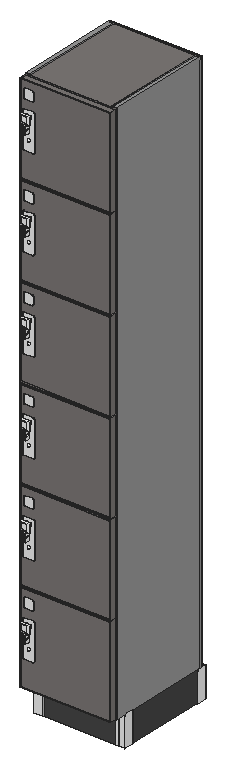
Revit family "Wood_Lockers_Hasps-Salsbury_Industries-46000_Series-1_Wide_Units", category Specialty Equipment, Revit 2022
Family settings
  Round Connector Dimension = Use Diameter
  Part Type = Normal
  OmniClass Number = 23.40.00.00
  OmniClass Title = Equipment and Furnishings
  Work Plane-Based = No
  Always vertical = Yes
  Cut with Voids When Loaded = No
  Maintain Annotation Orientation = No
  Shared = No
  Room Calculation Point = No
Parameters (values of type "46165")
  Width = 12.000"
  Version = "1.0 (01/31/24)"
  Unit Height including Sloping Hood Only [instance] = 77.743"
  Unit Height including Base Only [instance] = 76.000"
  URL = "www.lockers.com"
  Type Comments = "Premier Wood Lockers - Box Style - Six Tier - with Hasps"
  Total Doors Height [instance] = if(Unit Height = 72.000", 71.750", if(Unit Height = 60.000", 59.750", 0.000"))  # 71.750"
  Sloping Top Corner Filler - Right Side [instance] = Wood Locker Sloping Corner Fillers : None
  Sloping Top Corner Filler - Left Side [instance] = Wood Locker Sloping Corner Fillers : None
  Sloping In-Line Filler - Right Side [instance] = Wood Locker Sloping In-Line Fillers : None
  Sloping In-Line Filler - Left Side [instance] = Wood Locker Sloping In-Line Fillers : None
  Sloping Hood Height = if(Depth = 15.000", 5.743", if(Depth = 18.000", 6.868", if(Depth = 21.000", 7.993", if(Depth = 24.000", 9.118", 0.000"))))  # 5.743"
  Sloping Hood [instance] = Wood Locker Sloping Hoods : None
  Side Panel without Slope - Right Side [instance] = Wood Locker Side Panels-No Slope : None
  Side Panel without Slope - Left Side [instance] = Wood Locker Side Panels-No Slope : None
  Side Panel with Slope - Right Side [instance] = Wood Locker Side Panels-With Slope : None
  Side Panel with Slope - Left Side [instance] = Wood Locker Side Panels-With Slope : None
  Secondary Structure Materials = Particle Board Industrial Grade - Salsbury Finish - Black Melamine Overlay
  Primary Structure Materials = Particle Board Industrial Grade - Salsbury Finish - Plain
  Overall Unit Height including Base and Sloping Hood [instance] = 81.743"
  OmniClass 23 Title = "Equipment and Furnishings"
  OmniClass 23 Number = "23.40.00.00"
  Model = "46165"
  MasterFormat Title = "Lockers"
  MasterFormat Code = "10 51 23"
  Manufacturer = "Salsbury Industries"
  Laminate Surface [instance] = Industrial Grade Particleboard with Wood Laminate - Salsbury Finish - Skyline Walnut
  Interior Material = Textured Melamine - Salsbury Finish - White
  Individual Door Width [instance] = 11.875"
  Unit Height = 72.000"
  Individual Door Height = if(Unit Height = 72.000", 11.802", if(Unit Height = 60.000", 11.802", 0.000"))  # 11.802"
  Hardware = Aluminum - Salsbury Finish - Black Satin
  Front Vertical Filler - Right Side [instance] = Wood Locker Front Fillers : None
  Front Vertical Filler - Left Side [instance] = Wood Locker Front Fillers : None
  Front Corner Filler - Right Side [instance] = Wood Locker Front Corner Filler : None
  Front Corner Filler - Left Side [instance] = Wood Locker Front Corner Filler : None
  Flat Top In-Line Filler - Right Side [instance] = Wood Locker Flat In-Line Fillers : None
  Flat Top In-Line Filler - Left Side [instance] = Wood Locker Flat In-Line Fillers : None
  Flat Top Corner Filler - Right Side [instance] = Wood Locker Flat Corner Fillers : None
  Flat Top Corner Filler - Left Side [instance] = Wood Locker Flat Corner Fillers : None
  Fascia Filler [instance] = Wood Locker Fascia Fillers : None
  Double Side Panel without Slope - Right Side [instance] = Wood Locker Double Side Panels-No Slope : None
  Double Side Panel without Slope - Left Side [instance] = Wood Locker Double Side Panels-No Slope : None
  Double Side Panel with Slope - Right Side [instance] = Wood Locker Double Side Panels-With Slope : None
  Double Side Panel with Slope - Left Side [instance] = Wood Locker Double Side Panels-With Slope : None
  Door Location D1 = Premier Locker Doors_Hasp : Six Tier Door for Six Foot High Locker
  Description = "1 Wide - 6 Feet High - 15 inches Deep - with Base"
  Depth = 15.000"
  Default Elevation = 0.000"
  Compartment Width [instance] = 10.750"
  Compartment Height [instance] = if(Unit Height = 72.000", 11.125", if(Unit Height = 60.000", 11.100", 0.000"))  # 11.125"
  Compartment Depth [instance] = 13.750"
  Base Material = Particle Board Industrial Grade - Salsbury Finish - Black Melamine Overlay
  Base Height = 4.000"
  Base Depth [instance] = 13.250"
  Base = Wood Locker Bases : Base - 12" W x 15" D Lockers
  Assembly Code = "C1030310"
Reference planes (in)
  plane 1 "Center (Front/Back)": y = 0
  plane 2: z = 0
  plane 3 "Center (Left/Right)": x = 0
  plane 4 "Right Side of Unit": x = 6
  plane 5 "Left Side of Unit": x = -6
  plane 6 "Back of Unit": y = 7.5
  plane 7 "Front of Unit": y = -7.5
  plane 8 "Bottom of Base": z = 0
  plane 9 "Top Edge of Unit": z = 76
  plane 10 "Top of Base Edge": z = 4
  plane 11: z = 81.743
  plane 12 "Right Compartment Edge": x = 5.406
  plane 13 "Left Compartment Edge": x = -5.406
  plane 14 "Front Melamine Edge": y = -6.5
  plane 15 "Back Compartment Edge": y = 7.281
  plane 16 "Front Compartment Edge": y = -6.469
  plane 17 "Front Edge of Base": y = -5.125
  plane 18 "Bottom Edge of Door": z = 4.125
  plane 19 "Top Edge of Door": z = 75.875
  plane 20 "Bottom Compartment Edge": z = 4.75
  plane 21 "Top Compartment Edge": z = 75.25
  plane 22 "Center Top and Bottom": z = 40
  plane 23 "Left Melamine Edge": x = -5.375
  plane 24 "Right Melamine Edge": x = 5.375
  plane 25 "Back Melamine Edge": y = 7.25
  plane 26 "Left Edge of Door": x = -5.875
  plane 27: y = 8.125
  plane 28: y = -5.75
  plane 29 "Base / Ventillation Alignment": y = 8.125
  plane 30 "Compartment Shelf 5": z = 16.625
  plane 31: z = 15.875
  plane 32: z = 15.927
  plane 33: z = 16.115
  plane 34: z = 27.75
  plane 35 "Compartment Shelf 4": z = 28.5
  plane 36: z = 27.917
  plane 37: z = 28.105
  plane 38: z = 39.625
  plane 39 "Compartment Shelf 3": z = 40.375
  plane 40: z = 39.907
  plane 41: z = 40.095
  plane 42 "Compartment Shelf 2": z = 52.25
  plane 43: z = 51.5
  plane 44: z = 51.897
  plane 45: z = 52.085
  plane 46: z = 63.375
  plane 47 "Compartment Shelf 1": z = 64.125
  plane 48: z = 63.887
  plane 49: z = 64.075
Forms (in)
  Extrusion 1, solid, material "Particle Board Industrial Grade - Salsbury Finish - Plain" <- "Primary Structure Materials"
    sketch origin (6, 0, 0) x (0, -1, 0) y (0, 0, 1)
      loop
        line (6.469, 76) -> (-7.25, 76) -> (-7.25, 4) -> (6.469, 4) -> (6.469, 76)
    from 0 to 0.594
  Extrusion 2, solid, material "Particle Board Industrial Grade - Salsbury Finish - Plain" <- "Primary Structure Materials"
    sketch origin (-6, 0, 0) x (0, -1, 0) y (0, 0, 1)
      loop
        line (-7.25, 76) -> (-7.25, 4) -> (6.469, 4) -> (6.469, 76) -> (-7.25, 76)
    from 0 to -0.594
  Extrusion 3, solid, material "Textured Melamine - Salsbury Finish - White" <- "Interior Material"
    sketch origin (0, 0, 4) x (0, -1, 0) y (1, 0, 0)
      loop
        line (-7.25, -5.375) -> (6.469, -5.375) -> (6.469, 5.375) -> (-7.25, 5.375) -> (-7.25, -5.375)
    from 0 to 0.75
  Extrusion 4, solid, material "Industrial Grade Particleboard with Wood Laminate - Salsbury Finish - Skyline Walnut" <- "Laminate Surface"
    sketch origin (0.375, 0.375, 76) x (1, 0, 0) y (0, 1, 0)
      loop
        line (-5.75, -6.875) -> (5, -6.875) -> (5, 6.875) -> (-5.75, 6.875) -> (-5.75, -6.875)
    from 0 to -0.75
  Extrusion 5, solid, material "Particle Board Industrial Grade - Salsbury Finish - Plain" <- "Primary Structure Materials"
    sketch origin (0, 7.5, 0) x (1, 0, 0) y (0, 0, 1)
      loop
        line (-6, 76) -> (-6, 4) -> (6, 4) -> (6, 76) -> (-6, 76)
    from 0 to 0.219
  Extrusion 6, solid, material "Industrial Grade Particleboard with Wood Laminate - Salsbury Finish - Skyline Walnut" <- "Laminate Surface"
    sketch origin (0, -6.469, 0) x (1, 0, 0) y (0, 0, 1)
      loop
        line (-6, 76) -> (-6, 4) -> (-5.375, 4) -> (-5.375, 76) -> (-6, 76)
    from 0 to 0.031
  Extrusion 7, solid, material "Industrial Grade Particleboard with Wood Laminate - Salsbury Finish - Skyline Walnut" <- "Laminate Surface"
    sketch origin (0, -6.469, 0) x (-1, 0, 0) y (0, 0, -1)
      loop
        line (-6, -76) -> (-5.375, -76) -> (-5.375, -4) -> (-6, -4) -> (-6, -76)
    from 0 to 0.031
  Extrusion 8, solid, material "Textured Melamine - Salsbury Finish - White" <- "Interior Material"
    sketch origin (0, 7.25, 0) x (1, 0, 0) y (0, 0, 1)
      loop
        line (-6, 76) -> (-6, 4) -> (6, 4) -> (6, 76) -> (-6, 76)
    from -0.031 to 0
  Extrusion 9, solid, material "Textured Melamine - Salsbury Finish - White" <- "Interior Material"
    sketch origin (-5.406, 0, 0) x (0, -1, 0) y (0, 0, 1)
      loop
        line (-7.25, 76) -> (-7.25, 4) -> (6.469, 4) -> (6.469, 76) -> (-7.25, 76)
    from 0 to -0.031
  Extrusion 10, solid, material "Textured Melamine - Salsbury Finish - White" <- "Interior Material"
    sketch origin (5.406, 0, 0) x (0, -1, 0) y (0, 0, 1)
      loop
        line (6.469, 76) -> (-7.25, 76) -> (-7.25, 4) -> (6.469, 4) -> (6.469, 76)
    from 0 to 0.031
  Extrusion 11, solid, material "Textured Melamine - Salsbury Finish - White" <- "Interior Material", detail levels fine
    sketch origin (0, 0, 16.625) x (0, -1, 0) y (1, 0, 0)
      loop
        line (-7.25, -5.375) -> (6.469, -5.375) -> (6.469, 5.375) -> (-7.25, 5.375) -> (-7.25, -5.375)
    from 0 to -0.75
  Extrusion 12, solid, material "Textured Melamine - Salsbury Finish - White" <- "Interior Material", detail levels fine
    sketch origin (0, 0, 28.5) x (0, -1, 0) y (1, 0, 0)
      loop
        line (-7.25, -5.375) -> (6.469, -5.375) -> (6.469, 5.375) -> (-7.25, 5.375) -> (-7.25, -5.375)
    from 0 to -0.75
  Extrusion 13, solid, material "Textured Melamine - Salsbury Finish - White" <- "Interior Material", detail levels fine
    sketch origin (0, 0, 40.375) x (0, -1, 0) y (1, 0, 0)
      loop
        line (-7.25, -5.375) -> (6.469, -5.375) -> (6.469, 5.375) -> (-7.25, 5.375) -> (-7.25, -5.375)
    from 0 to -0.75
  Extrusion 14, solid, material "Textured Melamine - Salsbury Finish - White" <- "Interior Material", detail levels fine
    sketch origin (0, 0, 52.25) x (0, -1, 0) y (1, 0, 0)
      loop
        line (-7.25, -5.375) -> (6.469, -5.375) -> (6.469, 5.375) -> (-7.25, 5.375) -> (-7.25, -5.375)
    from 0 to -0.75
  Extrusion 15, solid, material "Textured Melamine - Salsbury Finish - White" <- "Interior Material", detail levels fine
    sketch origin (0, 0, 64.125) x (0, -1, 0) y (1, 0, 0)
      loop
        line (-7.25, -5.375) -> (6.469, -5.375) -> (6.469, 5.375) -> (-7.25, 5.375) -> (-7.25, -5.375)
    from 0 to -0.75
  Extrusion 16, solid, material "Industrial Grade Particleboard with Wood Laminate - Salsbury Finish - Skyline Walnut" <- "Laminate Surface"
    sketch origin (0, -6.5, 0) x (1, 0, 0) y (0, 0, 1)
      loop
        line (-5.375, 64.125) -> (-5.375, 63.375) -> (5.375, 63.375) -> (5.375, 64.125) -> (-5.375, 64.125)
    from 0 to -0.031
  Extrusion 17, solid, material "Industrial Grade Particleboard with Wood Laminate - Salsbury Finish - Skyline Walnut" <- "Laminate Surface"
    sketch origin (0, -6.5, 0) x (1, 0, 0) y (0, 0, 1)
      loop
        line (-5.375, 52.25) -> (-5.375, 51.5) -> (5.375, 51.5) -> (5.375, 52.25) -> (-5.375, 52.25)
    from 0 to -0.031
  Extrusion 18, solid, material "Industrial Grade Particleboard with Wood Laminate - Salsbury Finish - Skyline Walnut" <- "Laminate Surface"
    sketch origin (0, -6.5, 0) x (1, 0, 0) y (0, 0, 1)
      loop
        line (-5.375, 40.375) -> (-5.375, 39.625) -> (5.375, 39.625) -> (5.375, 40.375) -> (-5.375, 40.375)
    from 0 to -0.031
  Extrusion 19, solid, material "Industrial Grade Particleboard with Wood Laminate - Salsbury Finish - Skyline Walnut" <- "Laminate Surface"
    sketch origin (0, -6.5, 0) x (1, 0, 0) y (0, 0, 1)
      loop
        line (-5.375, 28.5) -> (-5.375, 27.75) -> (5.375, 27.75) -> (5.375, 28.5) -> (-5.375, 28.5)
    from 0 to -0.031
  Extrusion 20, solid, material "Industrial Grade Particleboard with Wood Laminate - Salsbury Finish - Skyline Walnut" <- "Laminate Surface"
    sketch origin (0, -6.5, 0) x (1, 0, 0) y (0, 0, 1)
      loop
        line (-5.375, 16.625) -> (-5.375, 15.875) -> (5.375, 15.875) -> (5.375, 16.625) -> (-5.375, 16.625)
    from 0 to -0.031
  Extrusion 21, solid, material "Industrial Grade Particleboard with Wood Laminate - Salsbury Finish - Skyline Walnut" <- "Laminate Surface"
    sketch origin (0, -6.5, 0) x (1, 0, 0) y (0, 0, 1)
      loop
        line (-5.375, 4.75) -> (-5.375, 4) -> (5.375, 4) -> (5.375, 4.75) -> (-5.375, 4.75)
    from 0 to -0.031
Lines and regions (in)
  symbolic lines
    curve 1: line (-6, 7.25, 76) -> (6.00006, 7.25, 76)
    curve 2: line (-6, 7.25, 0) -> (-6, 7.25, 76)
    curve 3: line (6.00006, 7.25, 76) -> (6.00006, 7.25, 0)
    curve 4: line (5.406, -6.5, 76) -> (5.406, 8.125, 76)
    curve 5: line (5.406, -6.5, 0) -> (5.406, -6.5, 76)
    curve 6: line (5.406, 8.125, 76) -> (5.406, 8.125, 0)
    curve 7: line (6.00006, 7.25, 0) -> (-6, 7.25, 0)
    curve 8: line (5.406, -5.125, 0) -> (5.406, 8.125, 0)
    curve 9: line (5.406, 8.125, 0) -> (5.406, -5.125, 0)
    curve 10: line (5.406, -6.5, 0) -> (5.406, 8.125, 0)
    curve 11: line (-6, 8.125, 0) -> (6, 8.125, 0)
    curve 12: line (-6, -6.5, 0) -> (-6, 8.125, 0)
    curve 13: line (6, -6.5, 0) -> (-6, -6.5, 0)
    curve 14: line (6, 8.125, 0) -> (6, -6.5, 0)
Dimensions and locks (in)
  equal spacing: plane 5 "Left Side of Unit", plane 3 "Center (Left/Right)", plane 4 "Right Side of Unit"
  "Width": plane 5 "Left Side of Unit" to plane 4 "Right Side of Unit"
  equal spacing: plane 7 "Front of Unit", plane 1 "Center (Front/Back)", plane 6 "Back of Unit"
  "Depth": plane 7 "Front of Unit" to plane 6 "Back of Unit"
  "Base Height": plane 10 "Top of Base Edge" to plane 8 "Bottom of Base"
  "Unit Height": plane 9 "Top Edge of Unit" to plane 10 "Top of Base Edge"
  "Sloping Hood Height": plane 11 to plane 9 "Top Edge of Unit"
  locked: plane 12 "Right Compartment Edge" to plane 4 "Right Side of Unit" at 0.594
  locked: plane 5 "Left Side of Unit" to plane 13 "Left Compartment Edge" at 0.594
  locked: plane 7 "Front of Unit" to plane 14 "Front Melamine Edge" at 1
  locked: plane 15 "Back Compartment Edge" to plane 6 "Back of Unit" at 0.219
  locked: plane 14 "Front Melamine Edge" to plane 16 "Front Compartment Edge" at 0.031
  plane 18 "Bottom Edge of Door" to plane 10 "Top of Base Edge" = 0.125"
  plane 9 "Top Edge of Unit" to plane 19 "Top Edge of Door" = 0.125"
  plane 20 "Bottom Compartment Edge" to plane 10 "Top of Base Edge" = 0.750"
  plane 9 "Top Edge of Unit" to plane 21 "Top Compartment Edge" = 0.750"
  equal spacing: plane 9 "Top Edge of Unit", plane 22 "Center Top and Bottom", plane 10 "Top of Base Edge"
  locked: plane 24 "Right Melamine Edge" to plane 12 "Right Compartment Edge" at 0.031
  locked: plane 13 "Left Compartment Edge" to plane 23 "Left Melamine Edge" at 0.031
  locked: plane 25 "Back Melamine Edge" to plane 15 "Back Compartment Edge" at 0.031
  locked: plane 5 "Left Side of Unit" to plane 26 "Left Edge of Door" at 0.125
  "Individual Door Width": plane 26 "Left Edge of Door" to plane 4 "Right Side of Unit"
  "Total Doors Height": plane 19 "Top Edge of Door" to plane 18 "Bottom Edge of Door"
  "Unit Height including Base Only": plane 9 "Top Edge of Unit" to plane 8 "Bottom of Base"
  "Unit Height including Sloping Hood Only": plane 11 to plane 10 "Top of Base Edge"
  "Overall Unit Height including Base and Sloping Hood": plane 11 to plane 8 "Bottom of Base"
  locked: plane 7 "Front of Unit" to plane 17 "Front Edge of Base" at 2.375
  locked: plane 6 "Back of Unit" to plane 27 at 0.625
  "Base Depth": plane 17 "Front Edge of Base" to plane 27
  "Compartment Width": plane 23 "Left Melamine Edge" to plane 24 "Right Melamine Edge"
  "Compartment Height": plane 31 to plane 20 "Bottom Compartment Edge"
  "Compartment Depth": plane 14 "Front Melamine Edge" to plane 25 "Back Melamine Edge"
  locked: plane 14 "Front Melamine Edge" to plane 28 at 0.75
  plane 14 "Front Melamine Edge" to plane 27 = 14.625"
  Extrusion 2 to Extrusion 9 = 13.719"
  plane 6 "Back of Unit" to plane 29 "Base / Ventillation Alignment" = 0.625"
  locked: plane 30 "Compartment Shelf 5" to plane 31 at 0.75
  locked: plane 33 to plane 32 at 0.188
  "Individual Door Height": plane 32 to plane 18 "Bottom Edge of Door"
  locked: plane 35 "Compartment Shelf 4" to plane 34 at 0.75
  locked: plane 37 to plane 36 at 0.188
  "Compartment Height": plane 34 to plane 30 "Compartment Shelf 5"
  "Individual Door Height": plane 36 to plane 33
  locked: plane 39 "Compartment Shelf 3" to plane 38 at 0.75
  locked: plane 41 to plane 40 at 0.188
  "Compartment Height": plane 38 to plane 35 "Compartment Shelf 4"
  "Individual Door Height": plane 40 to plane 37
  locked: plane 49 to plane 48 at 0.188
  locked: plane 47 "Compartment Shelf 1" to plane 46 at 0.75
  locked: plane 42 "Compartment Shelf 2" to plane 43 at 0.75
  locked: plane 45 to plane 44 at 0.188
  "Compartment Height": plane 43 to plane 39 "Compartment Shelf 3"
  "Compartment Height": plane 46 to plane 42 "Compartment Shelf 2"
  "Individual Door Height": plane 44 to plane 41
  "Individual Door Height": plane 48 to plane 45
  nested 6 to plane 20 "Bottom Compartment Edge" = 70.500"
  aligned and locked: level to plane 2
  aligned and locked: plane 15 "Back Compartment Edge" to Extrusion 5
  aligned and locked: plane 4 "Right Side of Unit" to nested 1
  aligned and locked: plane 18 "Bottom Edge of Door" to nested 1
  aligned and locked: plane 7 "Front of Unit" to nested 1
  aligned and locked: plane 9 "Top Edge of Unit" to nested 2
  aligned and locked: plane 14 "Front Melamine Edge" to nested 2
  aligned and locked: plane 5 "Left Side of Unit" to nested 3
  aligned and locked: plane 14 "Front Melamine Edge" to nested 3
  aligned and locked: plane 9 "Top Edge of Unit" to nested 3
  aligned and locked: plane 4 "Right Side of Unit" to nested 4
  aligned and locked: nested 4 to plane 9 "Top Edge of Unit"
  aligned and locked: nested 4 to plane 14 "Front Melamine Edge"
  aligned and locked: plane 9 "Top Edge of Unit" to nested 5
  aligned and locked: plane 28 to nested 5
  aligned and locked: nested 6 to plane 28
  aligned and locked: plane 5 "Left Side of Unit" to nested 6
  aligned and locked: plane 4 "Right Side of Unit" to nested 5
  aligned and locked: nested 6 to plane 9 "Top Edge of Unit"
  aligned and locked: nested 8 to plane 5 "Left Side of Unit"
  aligned and locked: nested 7 to plane 4 "Right Side of Unit"
  aligned and locked: plane 14 "Front Melamine Edge" to nested 7
  aligned and locked: nested 8 to plane 14 "Front Melamine Edge"
  aligned and locked: plane 10 "Top of Base Edge" to nested 7
  aligned and locked: nested 8 to plane 10 "Top of Base Edge"
  aligned and locked: plane 5 "Left Side of Unit" to nested 9
  aligned and locked: plane 4 "Right Side of Unit" to nested 10
  aligned and locked: nested 10 to plane 10 "Top of Base Edge"
  aligned and locked: plane 10 "Top of Base Edge" to nested 9
  aligned and locked: plane 16 "Front Compartment Edge" to nested 10
  aligned and locked: nested 9 to plane 14 "Front Melamine Edge"
  aligned and locked: plane 4 "Right Side of Unit" to nested 11
  aligned and locked: nested 11 to plane 10 "Top of Base Edge"
  aligned and locked: plane 14 "Front Melamine Edge" to nested 11
  aligned and locked: plane 14 "Front Melamine Edge" to nested 12
  aligned and locked: nested 12 to nested 4
  aligned and locked: plane 10 "Top of Base Edge" to nested 12
  aligned and locked: nested 13 to plane 5 "Left Side of Unit"
  aligned and locked: nested 13 to plane 14 "Front Melamine Edge"
  aligned and locked: nested 13 to plane 10 "Top of Base Edge"
  aligned and locked: plane 14 "Front Melamine Edge" to nested 14
  aligned and locked: nested 14 to plane 4 "Right Side of Unit"
  aligned and locked: nested 15 to plane 14 "Front Melamine Edge"
  aligned and locked: nested 15 to plane 5 "Left Side of Unit"
  aligned and locked: plane 10 "Top of Base Edge" to nested 14
  aligned and locked: nested 15 to plane 10 "Top of Base Edge"
  aligned and locked: plane 14 "Front Melamine Edge" to nested 16
  aligned and locked: plane 4 "Right Side of Unit" to nested 16
  aligned and locked: nested 17 to plane 14 "Front Melamine Edge"
  aligned and locked: plane 5 "Left Side of Unit" to nested 17
  aligned and locked: nested 16 to plane 8 "Bottom of Base"
  aligned and locked: nested 17 to plane 8 "Bottom of Base"
  aligned and locked: nested 18 to plane 5 "Left Side of Unit"
  aligned and locked: nested 19 to plane 4 "Right Side of Unit"
  aligned and locked: nested 19 to plane 14 "Front Melamine Edge"
  aligned and locked: plane 14 "Front Melamine Edge" to nested 18
  aligned and locked: plane 8 "Bottom of Base" to nested 19
  aligned and locked: nested 18 to plane 8 "Bottom of Base"
  aligned and locked: plane 17 "Front Edge of Base" to nested 20
  aligned and locked: plane 9 "Top Edge of Unit" to nested 21
  aligned and locked: plane 5 "Left Side of Unit" to nested 21
  aligned and locked: nested 22 to plane 9 "Top Edge of Unit"
  aligned and locked: plane 4 "Right Side of Unit" to nested 22
  aligned and locked: nested 22 to plane 14 "Front Melamine Edge"
  aligned and locked: nested 21 to plane 14 "Front Melamine Edge"
  aligned and locked: nested 24 to plane 9 "Top Edge of Unit"
  aligned and locked: plane 4 "Right Side of Unit" to nested 24
  aligned and locked: nested 23 to plane 9 "Top Edge of Unit"
  aligned and locked: plane 5 "Left Side of Unit" to nested 23
  aligned and locked: nested 24 to plane 28
  aligned and locked: nested 23 to plane 28
  aligned and locked: plane 14 "Front Melamine Edge" to nested 25
  aligned and locked: plane 9 "Top Edge of Unit" to nested 25
  aligned and locked: plane 8 "Bottom of Base" to nested 20
  aligned and locked: plane 3 "Center (Left/Right)" to nested 20
  aligned and locked: plane 25 "Back Melamine Edge" to Extrusion 3 sketch curve
  aligned and locked: Extrusion 3 sketch curve to plane 23 "Left Melamine Edge"
  aligned and locked: plane 24 "Right Melamine Edge" to Extrusion 3 sketch curve
  aligned and locked: Extrusion 4 to plane 9 "Top Edge of Unit"
  aligned and locked: plane 21 "Top Compartment Edge" to Extrusion 4
  aligned and locked: Extrusion 2 sketch curve to plane 9 "Top Edge of Unit"
  aligned and locked: plane 16 "Front Compartment Edge" to Extrusion 2 sketch curve
  aligned and locked: Extrusion 2 sketch curve to plane 25 "Back Melamine Edge"
  aligned and locked: plane 10 "Top of Base Edge" to Extrusion 2 sketch curve
  aligned and locked: Extrusion 2 to plane 13 "Left Compartment Edge"
  aligned and locked: plane 5 "Left Side of Unit" to Extrusion 2
  aligned and locked: plane 10 "Top of Base Edge" to Extrusion 9 sketch curve
  aligned and locked: Extrusion 9 sketch curve to plane 25 "Back Melamine Edge"
  aligned and locked: Extrusion 9 sketch curve to plane 9 "Top Edge of Unit"
  aligned and locked: Extrusion 1 sketch curve to plane 16 "Front Compartment Edge"
  aligned and locked: plane 9 "Top Edge of Unit" to Extrusion 1 sketch curve
  aligned and locked: Extrusion 1 sketch curve to plane 10 "Top of Base Edge"
  aligned and locked: plane 25 "Back Melamine Edge" to Extrusion 1 sketch curve
  aligned and locked: Extrusion 1 to plane 4 "Right Side of Unit"
  aligned and locked: plane 12 "Right Compartment Edge" to Extrusion 1
  aligned and locked: Extrusion 10 sketch curve to plane 10 "Top of Base Edge"
  aligned and locked: plane 25 "Back Melamine Edge" to Extrusion 10 sketch curve
  aligned and locked: Extrusion 10 sketch curve to plane 16 "Front Compartment Edge"
  aligned and locked: plane 9 "Top Edge of Unit" to Extrusion 10 sketch curve
  aligned and locked: Extrusion 10 to plane 12 "Right Compartment Edge"
  aligned and locked: plane 24 "Right Melamine Edge" to Extrusion 10
  aligned and locked: Extrusion 8 sketch curve to plane 10 "Top of Base Edge"
  aligned and locked: plane 4 "Right Side of Unit" to Extrusion 8 sketch curve
  aligned and locked: plane 9 "Top Edge of Unit" to Extrusion 8 sketch curve
  aligned and locked: Extrusion 8 sketch curve to plane 5 "Left Side of Unit"
  aligned and locked: Extrusion 8 to plane 15 "Back Compartment Edge"
  aligned and locked: plane 25 "Back Melamine Edge" to Extrusion 8
  aligned and locked: plane 9 "Top Edge of Unit" to Extrusion 5 sketch curve
  aligned and locked: Extrusion 5 sketch curve to plane 5 "Left Side of Unit"
  aligned and locked: Extrusion 5 sketch curve to plane 10 "Top of Base Edge"
  aligned and locked: plane 4 "Right Side of Unit" to Extrusion 5 sketch curve
  aligned and locked: Extrusion 7 sketch curve to plane 9 "Top Edge of Unit"
  aligned and locked: Extrusion 7 sketch curve to plane 4 "Right Side of Unit"
  aligned and locked: plane 24 "Right Melamine Edge" to Extrusion 7 sketch curve
  aligned and locked: plane 10 "Top of Base Edge" to Extrusion 7 sketch curve
  aligned and locked: Extrusion 7 to plane 16 "Front Compartment Edge"
  aligned and locked: plane 14 "Front Melamine Edge" to Extrusion 7
  aligned and locked: Extrusion 6 sketch curve to plane 10 "Top of Base Edge"
  aligned and locked: plane 23 "Left Melamine Edge" to Extrusion 6 sketch curve
  aligned and locked: Extrusion 6 sketch curve to plane 5 "Left Side of Unit"
  aligned and locked: plane 9 "Top Edge of Unit" to Extrusion 6 sketch curve
  aligned and locked: Extrusion 6 to plane 16 "Front Compartment Edge"
  aligned and locked: plane 14 "Front Melamine Edge" to Extrusion 6
  aligned and locked: plane 16 "Front Compartment Edge" to Extrusion 9
  aligned and locked: plane 13 "Left Compartment Edge" to Extrusion 9
  aligned and locked: nested 3 to curve 1
  aligned and locked: curve 2 to nested 17
  aligned and locked: curve 4 to nested 2
  aligned and locked: nested 16 to curve 5
  aligned and locked: curve 9 to nested 20
  aligned and locked: curve 10 to nested 16
  aligned and locked: curve 13 to plane 14 "Front Melamine Edge"
  aligned and locked: curve 12 to plane 5 "Left Side of Unit"
  aligned and locked: plane 29 "Base / Ventillation Alignment" to curve 11
  aligned and locked: plane 3 "Center (Left/Right)" to nested 2
  aligned and locked: plane 3 "Center (Left/Right)" to nested 25
  aligned and locked: plane 29 "Base / Ventillation Alignment" to curve 6
  aligned and locked: plane 25 "Back Melamine Edge" to Extrusion 11 sketch curve
  aligned and locked: Extrusion 11 sketch curve to plane 23 "Left Melamine Edge"
  aligned and locked: plane 24 "Right Melamine Edge" to Extrusion 11 sketch curve
  aligned and locked: plane 25 "Back Melamine Edge" to Extrusion 12 sketch curve
  aligned and locked: plane 24 "Right Melamine Edge" to Extrusion 12 sketch curve
  aligned and locked: Extrusion 12 sketch curve to plane 23 "Left Melamine Edge"
  aligned and locked: plane 33 to nested 26
  aligned and locked: plane 4 "Right Side of Unit" to nested 26
  aligned and locked: plane 4 "Right Side of Unit" to nested 27
  aligned and locked: plane 37 to nested 27
  aligned and locked: plane 7 "Front of Unit" to nested 27
  aligned and locked: plane 7 "Front of Unit" to nested 26
  aligned and locked: plane 25 "Back Melamine Edge" to Extrusion 13 sketch curve
  aligned and locked: plane 24 "Right Melamine Edge" to Extrusion 13 sketch curve
  aligned and locked: Extrusion 13 sketch curve to plane 23 "Left Melamine Edge"
  aligned and locked: plane 41 to nested 28
  aligned and locked: plane 4 "Right Side of Unit" to nested 28
  aligned and locked: plane 7 "Front of Unit" to nested 28
  aligned and locked: plane 25 "Back Melamine Edge" to Extrusion 14 sketch curve
  aligned and locked: plane 24 "Right Melamine Edge" to Extrusion 14 sketch curve
  aligned and locked: Extrusion 14 sketch curve to plane 23 "Left Melamine Edge"
  aligned and locked: plane 25 "Back Melamine Edge" to Extrusion 15 sketch curve
  aligned and locked: plane 24 "Right Melamine Edge" to Extrusion 15 sketch curve
  aligned and locked: Extrusion 15 sketch curve to plane 23 "Left Melamine Edge"
  aligned and locked: plane 7 "Front of Unit" to nested 30
  aligned and locked: plane 7 "Front of Unit" to nested 29
  aligned and locked: plane 45 to nested 29
  aligned and locked: plane 49 to nested 30
  aligned and locked: plane 4 "Right Side of Unit" to nested 30
  aligned and locked: plane 4 "Right Side of Unit" to nested 29
  aligned and locked: plane 14 "Front Melamine Edge" to Extrusion 4
  aligned and locked: plane 16 "Front Compartment Edge" to Extrusion 15
  aligned and locked: plane 16 "Front Compartment Edge" to Extrusion 14
  aligned and locked: plane 16 "Front Compartment Edge" to Extrusion 13
  aligned and locked: plane 16 "Front Compartment Edge" to Extrusion 12
  aligned and locked: plane 16 "Front Compartment Edge" to Extrusion 11
  aligned and locked: plane 16 "Front Compartment Edge" to Extrusion 3
  aligned and locked: Extrusion 16 sketch curve to Extrusion 15  (x4)
  aligned and locked: plane 14 "Front Melamine Edge" to Extrusion 16
  aligned and locked: Extrusion 16 to plane 16 "Front Compartment Edge"
  aligned and locked: Extrusion 17 sketch curve to Extrusion 14  (x4)
  aligned and locked: plane 14 "Front Melamine Edge" to Extrusion 17
  aligned and locked: Extrusion 17 to plane 16 "Front Compartment Edge"
  aligned and locked: Extrusion 18 sketch curve to Extrusion 13  (x4)
  aligned and locked: plane 14 "Front Melamine Edge" to Extrusion 18
  aligned and locked: Extrusion 18 to plane 16 "Front Compartment Edge"
  aligned and locked: Extrusion 19 sketch curve to Extrusion 12  (x4)
  aligned and locked: plane 14 "Front Melamine Edge" to Extrusion 19
  aligned and locked: Extrusion 19 to plane 16 "Front Compartment Edge"
  aligned and locked: Extrusion 20 sketch curve to Extrusion 11  (x4)
  aligned and locked: plane 14 "Front Melamine Edge" to Extrusion 20
  aligned and locked: Extrusion 20 to plane 16 "Front Compartment Edge"
  aligned and locked: Extrusion 21 sketch curve to Extrusion 3  (x3)
  aligned and locked: Extrusion 7 to Extrusion 21 sketch curve
  aligned and locked: plane 14 "Front Melamine Edge" to Extrusion 21
  aligned and locked: Extrusion 21 to plane 16 "Front Compartment Edge"
Automatic sketch dimensions
  Extrusion 9 sketch curve to plane 16 "Front Compartment Edge" = 0.000"
  curve 3 to level = 0.000"
  curve 3 to plane 4 "Right Side of Unit" = 0.00006"
  curve 8 to plane 17 "Front Edge of Base" = 0.000"
  curve 9 to plane 17 "Front Edge of Base" = 0.000"
  curve 13 to plane 4 "Right Side of Unit" = 0.000"
  Extrusion 4 sketch curve to plane 5 "Left Side of Unit" = 0.625"
  plane 17 "Front Edge of Base" to Extrusion 4 sketch curve = 1.375"
  plane 4 "Right Side of Unit" to Extrusion 4 sketch curve = 0.625"
  plane 25 "Back Melamine Edge" to Extrusion 4 sketch curve = 0.000"
  Extrusion 15 sketch curve to plane 14 "Front Melamine Edge" = 0.031"
  Extrusion 14 sketch curve to plane 14 "Front Melamine Edge" = 0.031"
  Extrusion 13 sketch curve to plane 14 "Front Melamine Edge" = 0.031"
  Extrusion 12 sketch curve to plane 14 "Front Melamine Edge" = 0.031"
  Extrusion 11 sketch curve to plane 14 "Front Melamine Edge" = 0.031"
  Extrusion 3 sketch curve to plane 14 "Front Melamine Edge" = 0.031"
Nested families (in)
  nested 1: "Premier Locker Doors_Hasp" at (0.0625, -7.125, 4.125), type <- "Door Location D1", type "Six Tier Door for Six Foot High Locker"
  nested 2: "Wood Locker Sloping Hoods" at (0, 0.8125, 76), type <- "Sloping Hood", type "None"
  nested 3: "Wood Locker Sloping Corner Fillers" at (-15.25, 0.5, 76), type <- "Sloping Top Corner Filler - Left Side", type "None"
  nested 4: "Wood Locker Sloping Corner Fillers" at (15.25, 0.5, 76) x (-1, 0, 0) z (0, 0, 1), type <- "Sloping Top Corner Filler - Right Side", type "None"
  nested 5: "Wood Locker Flat Corner Fillers" at (13.5, -2.125, 75.25), type <- "Flat Top Corner Filler - Right Side", type "None"
  nested 6: "Wood Locker Flat Corner Fillers" at (-13.5, -2.125, 75.25) x (-1, 0, 0) z (0, 0, 1), type <- "Flat Top Corner Filler - Left Side", type "None"
  nested 7: "Wood Locker Side Panels-No Slope" at (6.375, 0.5, 4) x (0, 1, 0) z (0, 0, 1), type <- "Side Panel without Slope - Right Side", type "None"
  nested 8: "Wood Locker Side Panels-No Slope" at (-6.375, 0.5, 4) x (0, 1, 0) z (0, 0, 1), type <- "Side Panel without Slope - Left Side", type "None"
  nested 9: "Wood Locker Side Panels-With Slope" at (-6.375, 0.5, 4) x (0, -1, 0) z (0, 0, 1), type <- "Side Panel with Slope - Left Side", type "None"
  nested 10: "Wood Locker Side Panels-With Slope" at (6.375, 0.531, 4) x (0, -1, 0) z (0, 0, 1), type <- "Side Panel with Slope - Right Side", type "None"
  nested 11: "Wood Locker Side Panels-With Slope" at (6.375, 0.5, 4) x (0, -1, 0) z (0, 0, 1), type <- "Side Panel with Slope - Right Side", type "None"
  nested 12: "Wood Locker Double Side Panels-No Slope" at (6.375, 0.5, 4) x (0, 1, 0) z (0, 0, 1), type <- "Double Side Panel without Slope - Right Side", type "None"
  nested 13: "Wood Locker Double Side Panels-No Slope" at (-6.375, 0.5, 4) x (0, 1, 0) z (0, 0, 1), type <- "Double Side Panel without Slope - Left Side", type "None"
  nested 14: "Wood Locker Double Side Panels-With Slope" at (6.375, 0.5, 4) x (0, 1, 0) z (0, 0, 1), type <- "Double Side Panel with Slope - Right Side", type "None"
  nested 15: "Wood Locker Double Side Panels-With Slope" at (-6.375, 0.5, 4) x (0, 1, 0) z (0, 0, 1), type <- "Double Side Panel with Slope - Left Side", type "None"
  nested 16: "Wood Locker Front Fillers" at (13.5, -6.125, 0), type <- "Front Vertical Filler - Right Side", type "None"
  nested 17: "Wood Locker Front Fillers" at (-13.5, -6.125, 0) x (-1, 0, 0) z (0, 0, 1), type <- "Front Vertical Filler - Left Side", type "None"
  nested 18: "Wood Locker Front Corner Filler" at (-7.125, -6.125, 0), type <- "Front Corner Filler - Left Side", type "None"
  nested 19: "Wood Locker Front Corner Filler" at (7.125, -6.125, 0) x (-1, 0, 0) z (0, 0, 1), type <- "Front Corner Filler - Right Side", type "None"
  nested 20: "Wood Locker Bases" at (0, 1.5, 0), type <- "Base", type "Base - 12" W x 15" D Lockers"
  nested 21: "Wood Locker Sloping In-Line Fillers" at (-12, 0.5, 76), type <- "Sloping In-Line Filler - Left Side", type "None"
  nested 22: "Wood Locker Sloping In-Line Fillers" at (12, 0.5, 76) x (-1, 0, 0) z (0, 0, 1), type <- "Sloping In-Line Filler - Right Side", type "None"
  nested 23: "Wood Locker Flat In-Line Fillers" at (-13.5, 0.875, 75.25), type <- "Flat Top In-Line Filler - Left Side", type "None"
  nested 24: "Wood Locker Flat In-Line Fillers" at (13.5, 0.875, 75.25) x (-1, 0, 0) z (0, 0, 1), type <- "Flat Top In-Line Filler - Right Side", type "None"
  nested 25: "Wood Locker Fascia Fillers" at (0, -6.125, 76), type <- "Fascia Filler", type "None"
  nested 26: "Premier Locker Doors_Hasp" at (0.0625, -7.125, 16.115), type <- "Door Location D1", type "Six Tier Door for Six Foot High Locker"
  nested 27: "Premier Locker Doors_Hasp" at (0.0625, -7.125, 28.105), type <- "Door Location D1", type "Six Tier Door for Six Foot High Locker"
  nested 28: "Premier Locker Doors_Hasp" at (0.0625, -7.125, 40.095), type <- "Door Location D1", type "Six Tier Door for Six Foot High Locker"
  nested 29: "Premier Locker Doors_Hasp" at (0.0625, -7.125, 52.085), type <- "Door Location D1", type "Six Tier Door for Six Foot High Locker"
  nested 30: "Premier Locker Doors_Hasp" at (0.0625, -7.125, 64.075), type <- "Door Location D1", type "Six Tier Door for Six Foot High Locker"
Definition of nested family "Premier Locker Doors_Hasp"
  Parameters (values of type "Single Tier Door for Six Foot High Locker")
    Width = 11.875"
    Visible Number Plates = yes
    Visible Center Hinge = yes
    Primary Structure Materials = none
    Number Tag-Vertical Offset = 31.625"
    Number Tag-Horizontal Offset = 10.750"
    Number Tag Width = 1.250"
    Number Tag Height = 1.250"
    Model = "Premier Locker Doors"
    Manufacturer = "Salsbury Industries"
    Lock Width = 1.500"
    Lock Height = 4.875"
    Laminate Surface = none
    Height = 71.750"
    Lock Vertical Offset = 35.875"
    Lock Horizontal Offset = 0.375"
    Door Trim = none
    Door Hasps = none
    Depth = 0.750"
    Default Elevation = 48.000"
  Types (8): name | Visible Center Hinge | Number Tag-Vertical Offset | Height | Lock Vertical Offset
    Single Tier Door for Six Foot High Locker | yes | 31.625" | 71.750" | 35.875"
    Double Tier Door-1 for Six Foot High Locker | no | 27.641" | 35.781" | 31.891"
    Double Tier Door-2 for Six Foot High Locker | yes | 2.078" | 35.781" | 6.328"
    Triple Tier Door-1 for Six Foot High Locker | no | 15.651" | 23.791" | 19.901"
    Triple Tier Door-2 for Six Foot High Locker | no | 7.646" | 23.791" | 11.896"
    Triple Tier Door-3 for Six Foot High Locker | no | 2.078" | 23.791" | 6.328"
    Four Tier Door for Six Foot High Locker | no | 4.647" | 17.796" | 8.897"
    Six Tier Door for Six Foot High Locker | no | 1.650" | 11.801" | 5.900"
  Reference planes (in)
    plane 1 "Center (Front/Back)": y = 0
    plane 2: z = 0
    plane 3 "Center (Left/Right)": x = 0
    plane 4 "Left Side of Door": x = -5.9375
    plane 5 "Right Side of Door": x = 5.9375
    plane 6 "Back of Door": y = 0.375
    plane 7 "Front of Door": y = -0.375
    plane 8 "Bottom of Door": z = 0
    plane 9 "Top of Door": z = 71.75
    plane 10 "Center of Door": z = 35.875
    plane 11 "Top of Number Tag": z = 40.75
    plane 12 "Bottom of Number Tag": z = 39.5
    plane 13 "Left Side of Number Tag": x = -5.4375
    plane 14 "Right Side of Number Tag": x = -4.1875
    plane 15 "Horizontal Center of Number Tag": x = -4.8125
    plane 16 "Center of Number Tag": z = 40.125
    plane 17 "Left Side of Lock": x = -5.5625
    plane 18 "Right Side of Lock": x = -4.0625
    plane 19 "Lock Vertical Center": z = 35.875
    plane 20 "Top of Lock": z = 38.3125
    plane 21 "Bottom of Lock": z = 33.4375
    plane 22 "Front of Hasp Stud": y = -0.5
    plane 23 "Left Side of Door-Right Side of Trim": x = -5.8125
    plane 24 "Right Side of Door-Left Side of Trim": x = 5.8125
    plane 25 "Top of Door-Bottom of Trim": z = 71.625
    plane 26 "Bottom of Door-Top of Trim": z = 0.125
    plane 27 "Laminate-Particleboard Line": y = -0.344
    plane 28 "Melamine-Particleboard Line": y = 0.344
    plane 29 "Back of Number Plate Inset": y = -0.313
    plane 30 "Center of Lock": x = -4.8125
    plane 31: y = -0.188
    plane 32 "Door Stopper Plane": y = 0.625
    plane 33: x = -5.4875
    plane 34: z = 71.3
    plane 35 "Top Hinge": z = 68.75
    plane 36: x = 5.3125
    plane 37 "Bottom Hinge": z = 3
    plane 38 "Inner Knob": y = -1.094
    plane 39 "Front of Knob": y = -1.125
    plane 40: z = 37.1875
    plane 41: z = 34.5625
    plane 42: z = 38.1875
    plane 43: x = -4.1875
    plane 44: x = -5.4375
    plane 45: z = 36.9375
    plane 46 "Top of Hole": z = 36.8125
    plane 47: x = -4.6245
    plane 48: x = -5.0005
    plane 49 "Bottom of Hole": z = 35.5625
    plane 50 "Stud Alignment": z = 34.8125
    plane 51 "Center of Handle": z = 37.5625
    plane 52: z = 37.7505
    plane 53: z = 37.3745
    plane 54: z = 37.96546
    plane 55: z = 37.15954
    plane 56 "Front of Latch": y = -1
    plane 57: z = 36.6844
    plane 58: z = 35.6844
    plane 59: z = 36.1844
    plane 60: x = 5.3435
    plane 61: z = 36.6245
    plane 62: z = 35.74816
  Forms (in)
    Extrusion 1, solid, detail levels fine
      sketch origin (0, 0, 0) x (1, 0, 0) y (0, 0, 1)
        loop
          line (-5.9065, 0.031) -> (5.9065, 0.031) -> (5.9065, 71.719) -> (-5.9065, 71.719) -> (-5.9065, 0.031)
      from -0.344 to 0.344
    Extrusion 2, solid, material <- "Laminate Surface", detail levels fine
      sketch origin (0, 0.375, 0) x (1, 0, 0) y (0, 0, 1)
        loop
          line (-5.9065, 0.031) -> (5.9065, 0.031) -> (5.9065, 71.719) -> (-5.9065, 71.719) -> (-5.9065, 0.031)
      from 0.031 to 0
    Extrusion 3, solid, material <- "Laminate Surface"
      sketch origin (0, -0.375, 0) x (1, 0, 0) y (0, 0, 1)
        loop
          line (-5.9065, 0.031) -> (5.9065, 0.031) -> (5.9065, 71.719) -> (-5.9065, 71.719) -> (-5.9065, 0.031)
      from 0 to -0.031
    Sweep 4, solid, material <- "Door Trim"
      path origin (0, 0, 0) x (1, 0, 0) y (0, 0, 1)
        loop
          line (5.8125, 71.625) -> (-5.8125, 71.625) -> (-5.8125, 0.125) -> (5.8125, 0.125) -> (5.8125, 71.625)
      profile origin (0, 0, 71.625) x (0, 0, -1) y (0, -1, 0)
        loop
          line (-0.125, 0.375) -> (-0.125, -0.375) -> (-0.094, -0.375) -> (-0.094, 0.375) -> (-0.125, 0.375)
    Extrusion 5, void
      sketch origin (-1.875, -0.313, 0) x (1, 0, 0) y (0, 0, 1)
        loop
          arc (-3.41334, 40.75) -> (-3.51881, 40.70631) -> (-3.5625, 40.60084) r 0.14916
          line (-3.5625, 40.60084) -> (-3.5625, 39.64916)
          arc (-3.5625, 39.64916) -> (-3.51881, 39.54369) -> (-3.41334, 39.5) r 0.14916
          line (-3.41334, 39.5) -> (-2.46166, 39.5)
          arc (-2.46166, 39.5) -> (-2.35619, 39.54369) -> (-2.3125, 39.64916) r 0.14916
          line (-2.3125, 39.64916) -> (-2.3125, 40.60084)
          arc (-2.3125, 40.60084) -> (-2.35619, 40.70631) -> (-2.46166, 40.75) r 0.14916
          line (-2.46166, 40.75) -> (-3.41334, 40.75)
      from 0 to 0.062
    Extrusion 6, solid, visible <- "Visible Number Plates", detail levels medium+fine
      sketch origin (-1.875, -0.375, 0) x (1, 0, 0) y (0, 0, 1)
        loop
          arc (-3.41334, 40.75) -> (-3.51881, 40.70631) -> (-3.5625, 40.60084) r 0.14916
          line (-3.5625, 40.60084) -> (-3.5625, 39.64916)
          arc (-3.5625, 39.64916) -> (-3.51881, 39.54369) -> (-3.41334, 39.5) r 0.14916
          line (-3.41334, 39.5) -> (-2.46166, 39.5)
          arc (-2.46166, 39.5) -> (-2.35619, 39.54369) -> (-2.3125, 39.64916) r 0.14916
          line (-2.3125, 39.64916) -> (-2.3125, 40.60084)
          arc (-2.3125, 40.60084) -> (-2.35619, 40.70631) -> (-2.46166, 40.75) r 0.14916
          line (-2.46166, 40.75) -> (-3.41334, 40.75)
      from -0.062 to 0
    Extrusion 7, solid, detail levels medium+fine
      sketch origin (0, 0.375, 0) x (1, 0, 0) y (0, 0, 1)
        loop
          circle (-5.4875, 71.3) r 0.25
      from 0 to -0.25
    Extrusion 8, solid, detail levels medium+fine
      sketch origin (0, 0.375, 0) x (1, 0, 0) y (0, 0, 1)
        loop
          line (5.3125, 68.5) -> (5.3125, 69) -> (4.8125, 69) -> (4.8125, 68.5) -> (5.3125, 68.5)
      from 0 to -0.25
    Extrusion 9, solid, detail levels medium+fine
      sketch origin (0, 0.375, -0.25) x (1, 0, 0) y (0, 0, 1)
        loop
          line (5.3125, 3) -> (5.3125, 3.5) -> (4.8125, 3.5) -> (4.8125, 3) -> (5.3125, 3)
      from 0 to -0.25
    Extrusion 10, solid, visible <- "Visible Center Hinge", detail levels medium+fine
      sketch origin (0, 0.375, -0.25) x (1, 0, 0) y (0, 0, 1)
        loop
          line (5.3125, 35.875) -> (5.3125, 36.375) -> (4.8125, 36.375) -> (4.8125, 35.875) -> (5.3125, 35.875)
      from 0 to -0.25
    Extrusion 11, void
      sketch origin (-1.875, -0.375, 0) x (1, 0, 0) y (0, 0, 1)
        loop
          arc (-3.5625, 38.3125) -> (-3.65089, 38.27589) -> (-3.6875, 38.1875) r 0.125
          line (-3.6875, 38.1875) -> (-3.6875, 33.5625)
          arc (-3.6875, 33.5625) -> (-3.65089, 33.47411) -> (-3.5625, 33.4375) r 0.125
          line (-3.5625, 33.4375) -> (-2.3125, 33.4375)
          arc (-2.3125, 33.4375) -> (-2.22411, 33.47411) -> (-2.1875, 33.5625) r 0.125
          line (-2.1875, 33.5625) -> (-2.1875, 38.1875)
          arc (-2.1875, 38.1875) -> (-2.22411, 38.27589) -> (-2.3125, 38.3125) r 0.125
          line (-2.3125, 38.3125) -> (-3.5625, 38.3125)
      from -0.062 to 0
    Extrusion 12, solid
      sketch origin (-1.875, -0.375, 0) x (1, 0, 0) y (0, 0, 1)
        loop
          line (-2.3125, 38.3125) -> (-3.5625, 38.3125)
          arc (-3.5625, 38.3125) -> (-3.65089, 38.27589) -> (-3.6875, 38.1875) r 0.125
          line (-3.6875, 38.1875) -> (-3.6875, 33.5625)
          arc (-3.6875, 33.5625) -> (-3.65089, 33.47411) -> (-3.5625, 33.4375) r 0.125
          line (-3.5625, 33.4375) -> (-2.3125, 33.4375)
          arc (-2.3125, 33.4375) -> (-2.22411, 33.47411) -> (-2.1875, 33.5625) r 0.125
          line (-2.1875, 33.5625) -> (-2.1875, 38.1875)
          arc (-2.1875, 38.1875) -> (-2.22411, 38.27589) -> (-2.3125, 38.3125) r 0.125
      from 0 to -0.062
    Extrusion 13, void
      sketch origin (-1.875, -0.375, 0) x (1, 0, 0) y (0, 0, 1)
        loop
          line (-3.1255, 36.6245) -> (-3.1255, 35.74816)
          arc (-3.1255, 35.74816) -> (-2.9375, 35.56016) -> (-2.7495, 35.74816) r 0.188
          line (-2.7495, 35.74816) -> (-2.7495, 36.6245)
          arc (-2.7495, 36.6245) -> (-2.9375, 36.8125) -> (-3.1255, 36.6245) r 0.188
      from 0 to -0.75
    Sweep 14, solid, detail levels medium+fine
      path origin (-1.875, -0.375, 0) x (1, 0, 0) y (0, 0, 1)
        loop
          circle (-2.9375, 34.8125) r 0.01
      profile origin (-4.8125, -0.375, 34.8225) x (0, 0, -1) y (0, -1, 0)
        loop
          line (0, 0) -> (0, 0.125)
          arc (0, 0.125) -> (-0.10032, 0.09036) -> (-0.156, 0) r 0.15776
          line (-0.156, 0) -> (0, 0)
    Extrusion 15, solid, detail levels medium+fine
      sketch origin (-1.875, -0.375, 0) x (1, 0, 0) y (0, 0, 1)
        loop
          circle (-2.9375, 34.8125) r 0.01
      from 0 to 0.125
    Sweep 16, solid
      path origin (-1.875, -0.375, 0) x (1, 0, 0) y (0, 0, 1)
        loop
          line (-3.5625, 38.1875) -> (-3.5625, 36.9375) -> (-2.3125, 36.9375) -> (-2.3125, 38.1875) -> (-3.5625, 38.1875)
      profile origin (-4.8125, -0.375, 38.1875) x (0, 0, 1) y (0, -1, 0)
        loop
          line (-0.38067, 0) -> (-0.38067, 0.24142)
          arc (-0.38067, 0.24142) -> (-0.34525, 0.34191) -> (-0.25465, 0.39797) r 0.16024
          arc (-0.25465, 0.39797) -> (-0.10494, 0.46941) -> (0, 0.59789) r 0.37946
          spline (0, 0.59789) -> (-0.00179, 0.61485) -> (-0.00715, 0.6316) -> (-0.01601, 0.64793) -> (-0.02825, 0.66364) -> (-0.04373, 0.67852) -> (-0.06225, 0.6924) -> (-0.08358, 0.7051) -> (-0.10745, 0.71647) -> (-0.13357, 0.72635) -> (-0.16161, 0.73463) -> (-0.19123, 0.74121) -> (-0.22204, 0.746)
          arc (-0.22204, 0.746) -> (-0.31051, 0.60028) -> (-0.42829, 0.47704) r 0.78682
          arc (-0.42829, 0.47704) -> (-0.50625, 0.37521) -> (-0.53396, 0.25) r 0.29673
          line (-0.53396, 0.25) -> (-0.53396, 0) -> (-0.38067, 0)
    Blend 17, solid
      base sketch origin (-1.875, -1.125, 0) x (0, 0, -1) y (-1, 0, 0)
        loop
          line (-37.96546, 3.34046) -> (-37.96546, 2.53454) -> (-37.15954, 2.53454) -> (-37.15954, 3.34046) -> (-37.96546, 3.34046)
      top sketch origin (-1.875, -1.125, 0) x (0, 0, -1) y (-1, 0, 0)
        loop
          line (-37.93279, 3.30777) -> (-37.93279, 2.56715) -> (-37.19211, 2.56715) -> (-37.19211, 3.30777) -> (-37.93279, 3.30777)
      from 0 to 0.031
    Extrusion 18, solid
      sketch origin (-4.8125, 0, 0) x (0, 0, -1) y (0, -1, 0)
        loop
          line (-35.6844, 1) -> (-36.6844, 1) -> (-36.6844, -0.375) -> (-35.6844, -0.375) -> (-35.6844, 1)
      from -0.063 to 0.063
    Extrusion 19, void
      sketch origin (-4.8125, 35.51803, 36.85077) x (0, 1, 0) y (0, 0, -1)
        loop
          circle (-36.1844, 0.66637) r 0.25
      from -0.063 to 0.063
  Cuts and joins
    Extrusion 5, Extrusion 13 cuts Extrusion 1
    Extrusion 5, Extrusion 11 cuts Extrusion 3
    Extrusion 13 cuts Extrusion 12
    Extrusion 13 cuts Extrusion 2
    Extrusion 19 cuts Extrusion 18
  Lines and regions (in)
    symbolic lines
      curve 1: line (-5.9375, 0.375, 0) -> (5.9375, 0.375, 0)
      curve 2: line (5.9375, 0.375, 0) -> (5.9375, 0.375, 71.75)
      curve 3: line (5.9375, 0.375, 71.75) -> (-5.9375, 0.375, 71.75)
      curve 4: line (-5.9375, 0.375, 71.75) -> (-5.9375, 0.375, 0)
      curve 5: line (-5.9375, 0.375, 71.625) -> (5.9375, 0.375, 71.625)
      curve 6: line (-5.9375, -0.375, 71.625) -> (-5.9375, 0.375, 71.625)
      curve 7: line (5.9375, -0.375, 71.625) -> (-5.9375, -0.375, 71.625)
      curve 8: line (5.9375, 0.375, 71.625) -> (5.9375, -0.375, 71.625)
      curve 9: line (5.3125, 0.375, 71.625) -> (5.3125, 0.625, 71.625)
      curve 10: line (5.3125, 0.625, 71.625) -> (4.8125, 0.625, 71.625)
      curve 11: line (4.8125, 0.625, 71.625) -> (4.8125, 0.375, 71.625)
      curve 12: line (-5.73713, 0.375, 71.625) -> (-5.73713, 0.625, 71.625)
      curve 13: line (-5.2375, 0.375, 71.625) -> (-5.2375, 0.625, 71.625)
      curve 14: line (-5.2375, 0.625, 71.625) -> (-5.73713, 0.625, 71.625)
      curve 15: line (-4.8125, -0.375, 71.75) -> (-4.8125, 0.375, 71.75)
      curve 16: line (-4.8125, -0.375, 0) -> (-4.8125, -0.375, 71.75)
      curve 17: line (-4.8125, 0.375, 0) -> (-4.8125, -0.375, 0)
      curve 18: line (-4.8125, 0.375, 71.75) -> (-4.8125, 0.375, 0)
      curve 19: line (-4.8125, 0.375, 69) -> (-4.8125, 0.625, 69)
      curve 20: line (-4.8125, 0.625, 69) -> (-4.8125, 0.625, 68.5)
      curve 21: line (-4.8125, 0.625, 68.5) -> (-4.8125, 0.375, 68.5)
      curve 22: line (-4.8125, 0.375, 3.25) -> (-4.8125, 0.625, 3.25)
      curve 23: line (-4.8125, 0.625, 3.25) -> (-4.8125, 0.625, 2.75)
      curve 24: line (-4.8125, 0.625, 2.75) -> (-4.8125, 0.375, 2.75)
      curve 25: line (-4.8125, 0.375, 36.125) -> (-4.8125, 0.625, 36.125)
      curve 26: line (-4.8125, 0.625, 36.125) -> (-4.8125, 0.625, 35.625)
      curve 27: line (-4.8125, 0.625, 35.625) -> (-4.8125, 0.375, 35.625)
      curve 28: line (-5.5625, -0.375, 71.625) -> (-4.0625, -0.375, 71.625)
      curve 29: line (-5.4375, -1.125, 38.3125) -> (-4.1875, -1.125, 38.3125)
      curve 30: arc (-4.0625, -1.125, 38.1875) -> (-4.09911, -1.125, 38.27589) -> (-4.1875, -1.125, 38.3125) r 0.125
      curve 31: arc (-5.4375, -1.125, 38.3125) -> (-5.52589, -1.125, 38.27589) -> (-5.5625, -1.125, 38.1875) r 0.125
      curve 32: line (-5.5625, -1.125, 33.5625) -> (-5.5625, -1.125, 38.1875)
      curve 33: line (-4.0625, -1.125, 38.1875) -> (-4.0625, -1.125, 33.5625)
      curve 34: arc (-4.1875, -1.125, 33.4375) -> (-4.09911, -1.125, 33.47411) -> (-4.0625, -1.125, 33.5625) r 0.125
      curve 35: arc (-5.5625, -1.125, 33.5625) -> (-5.52589, -1.125, 33.47411) -> (-5.4375, -1.125, 33.4375) r 0.125
      curve 36: line (-4.1875, -1.125, 33.4375) -> (-5.4375, -1.125, 33.4375)
      curve 37: arc (-4.6245, -1.125, 36.6245) -> (-4.8125, -1.125, 36.8125) -> (-5.0005, -1.125, 36.6245) r 0.188
      curve 38: arc (-5.0005, -1.125, 35.7505) -> (-4.8125, -1.125, 35.5625) -> (-4.6245, -1.125, 35.7505) r 0.188
      curve 39: line (-4.6245, -1.125, 36.6245) -> (-4.6245, -1.125, 35.7505)
      curve 40: line (-5.0005, -1.125, 35.7505) -> (-5.0005, -1.125, 36.6245)
      curve 41: line (-4.1875, -1.125, 36.9375) -> (-5.4375, -1.125, 36.9375)
      curve 42: line (-4.1875, -1.125, 38.1875) -> (-4.1875, -1.125, 36.9375)
      curve 43: line (-5.4375, -1.125, 36.9375) -> (-5.4375, -1.125, 38.1875)
      curve 44: line (-5.4375, -1.125, 38.1875) -> (-4.1875, -1.125, 38.1875)
      curve 45: line (-4.8755, -1.125, 36.6844) -> (-4.7495, -1.125, 36.6844)
      curve 46: line (-4.7495, -1.125, 36.6844) -> (-4.7495, -1.125, 35.6844)
      curve 47: line (-4.8755, -1.125, 35.6844) -> (-4.8755, -1.125, 36.6844)
      curve 48: line (-4.7495, -1.125, 35.6844) -> (-4.8755, -1.125, 35.6844)
      curve 49: line (-4.8125, -1, 36.6844) -> (-4.8125, -0.375, 36.6844)
      curve 50: line (-4.8125, -1, 35.6844) -> (-4.8125, -1, 36.6844)
      curve 51: line (-4.8125, -0.375, 35.6844) -> (-4.8125, -1, 35.6844)
      curve 52: arc (-4.8125, -0.91637, 36.1844) -> (-4.8125, -0.66637, 36.4344) -> (-4.8125, -0.41637, 36.1844) r 0.25
      curve 53: arc (-4.8125, -0.41637, 36.1844) -> (-4.8125, -0.66637, 35.9344) -> (-4.8125, -0.91637, 36.1844) r 0.25
      curve 54: line (-4.8125, -0.375, 37.31817) -> (-4.8125, -0.61642, 37.31817)
      curve 55: arc (-4.8125, -0.77297, 37.19215) -> (-4.8125, -0.71691, 37.28275) -> (-4.8125, -0.61642, 37.31817) r 0.16024
      curve 56: arc (-4.8125, -0.97289, 36.9375) -> (-4.8125, -0.84441, 37.04244) -> (-4.8125, -0.77297, 37.19215) r 0.37946
      curve 57: spline (-4.8125, -1.121, 37.15954) -> (-4.8125, -1.11621, 37.12873) -> (-4.8125, -1.10963, 37.09911) -> (-4.8125, -1.10135, 37.07107) -> (-4.8125, -1.09147, 37.04495) -> (-4.8125, -1.0801, 37.02108) -> (-4.8125, -1.0674, 36.99975) -> (-4.8125, -1.05352, 36.98123) -> (-4.8125, -1.03864, 36.96575) -> (-4.8125, -1.02293, 36.95351) -> (-4.8125, -1.0066, 36.94465) -> (-4.8125, -0.98985, 36.93929) -> (-4.8125, -0.97289, 36.9375)
      curve 58: line (-4.8125, -1.125, 37.15954) -> (-4.8125, -1.125, 37.96546)
      curve 59: spline (-4.8125, -1.121, 37.96546) -> (-4.8125, -1.11621, 37.99627) -> (-4.8125, -1.10963, 38.02589) -> (-4.8125, -1.10135, 38.05393) -> (-4.8125, -1.09147, 38.08005) -> (-4.8125, -1.0801, 38.10392) -> (-4.8125, -1.0674, 38.12525) -> (-4.8125, -1.05352, 38.14377) -> (-4.8125, -1.03864, 38.15925) -> (-4.8125, -1.02293, 38.17149) -> (-4.8125, -1.0066, 38.18035) -> (-4.8125, -0.98985, 38.18571) -> (-4.8125, -0.97289, 38.1875)
      curve 60: arc (-4.8125, -0.97289, 38.1875) -> (-4.8125, -0.84441, 38.08256) -> (-4.8125, -0.77297, 37.93285) r 0.37946
      curve 61: arc (-4.8125, -0.77297, 37.93285) -> (-4.8125, -0.71691, 37.84225) -> (-4.8125, -0.61642, 37.80683) r 0.16024
      curve 62: line (-4.8125, -0.61642, 37.80683) -> (-4.8125, -0.375, 37.80683)
      curve 63: line (-5.05683, -0.61642, 71.625) -> (-5.05683, -0.375, 71.625)
      curve 64: arc (-5.18285, -0.77297, 71.625) -> (-5.09225, -0.71691, 71.625) -> (-5.05683, -0.61642, 71.625) r 0.16024
      curve 65: arc (-5.4375, -0.97289, 71.625) -> (-5.33256, -0.84441, 71.625) -> (-5.18285, -0.77297, 71.625) r 0.37946
      curve 66: line (-4.40954, -1.125, 71.625) -> (-5.21546, -1.125, 71.625)
      curve 67: spline (-4.40954, -1.121, 71.625) -> (-4.37873, -1.11621, 71.625) -> (-4.34911, -1.10963, 71.625) -> (-4.32107, -1.10135, 71.625) -> (-4.29495, -1.09147, 71.625) -> (-4.27108, -1.0801, 71.625) -> (-4.24975, -1.0674, 71.625) -> (-4.23123, -1.05352, 71.625) -> (-4.21575, -1.03864, 71.625) -> (-4.20351, -1.02293, 71.625) -> (-4.19465, -1.0066, 71.625) -> (-4.18929, -0.98985, 71.625) -> (-4.1875, -0.97289, 71.625)
      curve 68: arc (-4.1875, -0.97289, 71.625) -> (-4.29244, -0.84441, 71.625) -> (-4.44215, -0.77297, 71.625) r 0.37946
      curve 69: arc (-4.44215, -0.77297, 71.625) -> (-4.53275, -0.71691, 71.625) -> (-4.56817, -0.61642, 71.625) r 0.16024
      curve 70: line (-4.56817, -0.375, 71.625) -> (-4.56817, -0.61642, 71.625)
      curve 71: spline (-5.21546, -1.121, 71.625) -> (-5.24627, -1.11621, 71.625) -> (-5.27589, -1.10963, 71.625) -> (-5.30393, -1.10135, 71.625) -> (-5.33005, -1.09147, 71.625) -> (-5.35392, -1.0801, 71.625) -> (-5.37525, -1.0674, 71.625) -> (-5.39377, -1.05352, 71.625) -> (-5.40925, -1.03864, 71.625) -> (-5.42149, -1.02293, 71.625) -> (-5.43035, -1.0066, 71.625) -> (-5.43571, -0.98985, 71.625) -> (-5.4375, -0.97289, 71.625)
    reference lines
      curve 72: line (-5.9375, 0, 71.75) -> (5.3435, 0, 71.75)
      curve 73: line (5.3435, 0, 71.75) -> (-5.9375, 0, 71.75)
  Dimensions and locks (in)
    equal spacing: plane 4 "Left Side of Door", plane 3 "Center (Left/Right)", plane 5 "Right Side of Door"
    "Width": plane 4 "Left Side of Door" to plane 5 "Right Side of Door"
    equal spacing: plane 7 "Front of Door", plane 1 "Center (Front/Back)", plane 6 "Back of Door"
    "Depth": plane 7 "Front of Door" to plane 6 "Back of Door"
    equal spacing: plane 9 "Top of Door", plane 10 "Center of Door", plane 8 "Bottom of Door"
    "Height": plane 9 "Top of Door" to plane 8 "Bottom of Door"
    equal spacing: plane 11 "Top of Number Tag", plane 16 "Center of Number Tag", plane 12 "Bottom of Number Tag"
    "Number Tag Height": plane 11 "Top of Number Tag" to plane 12 "Bottom of Number Tag"
    equal spacing: plane 14 "Right Side of Number Tag", plane 15 "Horizontal Center of Number Tag", plane 13 "Left Side of Number Tag"
    "Number Tag Width": plane 14 "Right Side of Number Tag" to plane 13 "Left Side of Number Tag"
    "Number Tag-Horizontal Offset": plane 15 "Horizontal Center of Number Tag" to plane 5 "Right Side of Door"
    "Number Tag-Vertical Offset": plane 9 "Top of Door" to plane 16 "Center of Number Tag"
    "Lock Horizontal Offset": plane 4 "Left Side of Door" to plane 17 "Left Side of Lock"
    equal spacing: plane 20 "Top of Lock", plane 19 "Lock Vertical Center", plane 21 "Bottom of Lock"
    "Lock Height": plane 20 "Top of Lock" to plane 21 "Bottom of Lock"
    "Lock Vertical Offset": plane 9 "Top of Door" to plane 19 "Lock Vertical Center"
    plane 22 "Front of Hasp Stud" to plane 7 "Front of Door" = 0.125"
    locked: plane 24 "Right Side of Door-Left Side of Trim" to plane 5 "Right Side of Door" at 0.125
    locked: plane 4 "Left Side of Door" to plane 23 "Left Side of Door-Right Side of Trim" at 0.125
    locked: plane 9 "Top of Door" to plane 25 "Top of Door-Bottom of Trim" at 0.125
    plane 26 "Bottom of Door-Top of Trim" to plane 8 "Bottom of Door" = 0.125"
    plane 28 "Melamine-Particleboard Line" to plane 6 "Back of Door" = 0.031"
    plane 7 "Front of Door" to plane 27 "Laminate-Particleboard Line" = 0.031"
    plane 27 "Laminate-Particleboard Line" to plane 29 "Back of Number Plate Inset" = 0.031"
    equal spacing: plane 18 "Right Side of Lock", plane 30 "Center of Lock", plane 17 "Left Side of Lock", locked at 0.75 each
    "Lock Width": plane 18 "Right Side of Lock" to plane 17 "Left Side of Lock"
    plane 22 "Front of Hasp Stud" to plane 31 = 0.312"
    plane 6 "Back of Door" to plane 32 "Door Stopper Plane" = 0.250"
    locked: plane 23 "Left Side of Door-Right Side of Trim" to plane 33 at 0.325
    locked: plane 25 "Top of Door-Bottom of Trim" to plane 34 at 0.325
    locked: plane 9 "Top of Door" to plane 35 "Top Hinge" at 3
    plane 36 to plane 5 "Right Side of Door" = 0.625"
    plane 6 "Back of Door" to plane 28 "Melamine-Particleboard Line" = 0.031"
    plane 9 "Top of Door" to plane 25 "Top of Door-Bottom of Trim" = 0.125"
    plane 7 "Front of Door" to plane 38 "Inner Knob" = 0.719"
